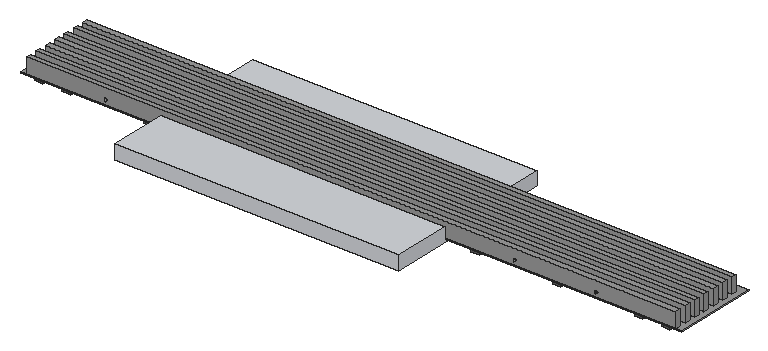
Revit family "1413-7, Veneer", category Generic Models, host Face, Revit 2020
Family settings
  Host = Face
  Can host rebar = No
  Round Connector Dimension = Use Diameter
  Part Type = Normal
  Cut with Voids When Loaded = No
  Shared = No
  Room Calculation Point = No
Parameters
  min_value [instance] = 2' - 4"  # constant formula
  max_value [instance] = 9' - 11 1/4"  # constant formula
  actual_value [instance] = if(NET LENGTH < min_value, min_value, if(NET LENGTH > max_value, max_value, NET LENGTH))  # 7' - 11 1/4"
  SCRIM MATERIAL [instance] = SCRIM
  SCRIM APPEARANCE [instance] = yes
  NET LENGTH [instance] = 7' - 11 1/4"
  IMPORTANT NOTE!!!                                                                             *Backer & dowel layout is for visualization purposes only, final layout to be determined by 9Wood. [instance] = ""
  Default Elevation = 4' - 0"
  DOWEL RADIUS [instance] = 0' - 0 1/4"  # constant formula
  BACKER & DOWEL MATERIAL [instance] = BLACK-BACKERS
  .. MEMBER WIDTH [instance] = 0' - 0 3/4"  # constant formula
  .. MEMBER MATERIAL [instance] = Veneer Cherry
  .. MEMBER DEPTH [instance] = 0' - 2 1/4"  # constant formula
  .. MEMBER COUNT [instance] = 7  # constant formula
Reference planes (in)
  plane 1 "Center (Front/Back)": y = 0
  plane 2: z = 0
  plane 3 "Center (Left/Right)": x = 0
Forms (in)
  Extrusion 1, solid
    sketch origin (0, 0, 0) x (1, 0, 0) y (0, 1, 0)
      loop
        line (-24.24823, 14.63962) -> (-24.24823, -10.69266) -> (17.36192, -10.69266) -> (17.36192, 14.63962) -> (-24.24823, 14.63962)
    from 0 to 2.0625
Dimensions and locks (in)
  aligned and locked: plane 2 to Extrusion 1
Nested families (in)
  nested 1: "1400 series" at (-44.01308, -2.1224, 0.00189), NET LENGTH <- "actual_value", .. MEMBER DEPTH <- ".. MEMBER DEPTH", .. MEMBER WIDTH <- ".. MEMBER WIDTH", DOWEL RADIUS <- "DOWEL RADIUS", BACKER & DOWEL MATERIAL <- "BACKER & DOWEL MATERIAL", .. MEMBER MATERIAL <- ".. MEMBER MATERIAL", SCRIM MATERIAL <- "SCRIM MATERIAL", MEMBER COUNT <- ".. MEMBER COUNT", SCRIM APPEARANCE <- "SCRIM APPEARANCE", type "1400 series"
    with X 7' - 8", SCRIM MATERIAL SCRIM, SCRIM LENGTH 8' - 1", SCRIM APPEARANCE yes, SCRIM 2 0' - 0 7/8", SCRIM 1 0' - 0 3/32", OC TYP 1' - 0", NET LENGTH 7' - 11 1/4", N 8, MEMBER COUNT 7, INSET 2 0' - 0 3/16", INSET 0' - 1", HALF MEMBER WIDTH 0' - 0 3/8", END BACKER yes, DOWEL RADIUS 0' - 0 1/4", DOWEL INDEX 0' - 11 5/8", DOWEL COUNT 7, BACKING M COUNT 8, BACKER WIDTH 0' - 1 1/4", BACKER INDEX 0' - 5 5/8", BACKER DEPTH 0' - 0 1/2", BACKER & DOWEL MATERIAL BLACK-BACKERS, BACKER &  DOWEL LENGTH 0' - 11 7/8", .. MEMBER WIDTH 0' - 0 3/4", .. MEMBER OC TYP 0' - 1.71429", .. MEMBER MATERIAL Veneer Cherry, .. MEMBER DEPTH 0' - 2 1/4"
Definition of nested family "1400 series"
  Parameters (values of type "1400 series")
    X [instance] = NET LENGTH - 0' 3 1/4"  # 7' - 2"
    SCRIM MATERIAL [instance] = none
    SCRIM APPEARANCE [instance] = yes
    SCRIM 2 [instance] = 0' - 0 7/8"  # constant formula
    SCRIM 1 [instance] = 0' - 0 3/32"  # constant formula
    OC TYP [instance] = 1' - 0"  # constant formula
    N [instance] = if((X - (rounddown(X / 1' 0") * 1' 0")) > 1' 0", rounddown(X / 1' 0") + 2, rounddown(X / 1' 0") + 1)  # 8
    MEMBER COUNT [instance] = 2
    INSET 5 = 0' - 0 11/16"  # constant formula
    INSET 2 [instance] = 0' - 0 3/16"  # constant formula
    INSET [instance] = 0' - 1"  # constant formula
    END BACKER [instance] = BACKER INDEX > 0' 3 5/8"  # no
    HALF MEMBER WIDTH [instance] = .. MEMBER WIDTH / 2  # 0' - 1 1/8"
    Default Elevation = 0' - 0"
    DOWEL RADIUS [instance] = 0' - 0 1/4"
    DOWEL INDEX [instance] = BACKER INDEX + 0' 6"  # 0' - 8 5/8"
    DOWEL COUNT [instance] = N - 1  # 7
    BACKER WIDTH [instance] = 0' - 1 1/4"  # constant formula
    BACKER INDEX [instance] = (NET LENGTH - ((N - 1) * 1' 0")) / 2  # 0' - 2 5/8"
    BACKER DEPTH [instance] = 0' - 0 1/2"  # constant formula
    BACKING M COUNT [instance] = N  # 8
    BACKER & DOWEL MATERIAL [instance] = none
    BACKER &  DOWEL LENGTH [instance] = 0' - 11 7/8"  # constant formula
    SCRIM LENGTH [instance] = NET LENGTH + (SCRIM 2 * 2)  # 7' - 7"
    .. MEMBER WIDTH [instance] = 0' - 2 1/4"
    .. MEMBER OC TYP [instance] = 1' 0" / MEMBER COUNT  # 0' - 6"
    .. MEMBER MATERIAL [instance] = none
    NET LENGTH [instance] = 7' - 5 1/4"
    .. MEMBER DEPTH [instance] = 0' - 4"
  Reference planes (in)
    plane 1 "Center (Front/Back)": y = 0
    plane 2: z = 0
    plane 3 "Center (Left/Right)": x = 0
    plane 4: x = 89.25
    plane 5: x = 1
    plane 6: x = 88.25
    plane 7: x = 2.625
    plane 8: x = 8.625
    plane 9: x = 14.625
    plane 10: x = 20.625
    plane 11: y = 0.1875
    plane 12: y = 1.125
    plane 13: y = 7.125
    plane 14: y = 12.0625
    plane 15: x = 90.125
    plane 16: x = -0.875
    plane 17: y = 12.15625
    plane 18: y = -0.09375
    plane 19: z = 2.7097
    plane 20: z = 0.49811
    plane 21: z = 0.56061
    plane 22: z = 1.24811
  Lines and regions (in)
    model lines, not visible
      curve 1: line (8.625, 0, 0.99811) -> (8.625, 0, 1.49811)
      curve 2: line (8.625, 0, 1.49811) -> (8.375, 0, 1.24811)
      curve 3: line (8.375, 0, 1.24811) -> (8.875, 0, 1.24811)
      curve 4: line (20.625, 0, 0.99811) -> (20.625, 0, 1.49811)
      curve 5: line (20.625, 0, 1.49811) -> (20.375, 0, 1.24811)
      curve 6: line (20.375, 0, 1.24811) -> (20.875, 0, 1.24811)
      curve 7: line (32.625, 0, 0.99811) -> (32.625, 0, 1.49811)
      curve 8: line (32.625, 0, 1.49811) -> (32.375, 0, 1.24811)
      curve 9: line (32.375, 0, 1.24811) -> (32.875, 0, 1.24811)
      curve 10: line (44.625, 0, 0.99811) -> (44.625, 0, 1.49811)
      curve 11: line (44.625, 0, 1.49811) -> (44.375, 0, 1.24811)
      curve 12: line (44.375, 0, 1.24811) -> (44.875, 0, 1.24811)
      curve 13: line (56.625, 0, 0.99811) -> (56.625, 0, 1.49811)
      curve 14: line (56.625, 0, 1.49811) -> (56.375, 0, 1.24811)
      curve 15: line (56.375, 0, 1.24811) -> (56.875, 0, 1.24811)
      curve 16: line (68.625, 0, 0.99811) -> (68.625, 0, 1.49811)
      curve 17: line (68.625, 0, 1.49811) -> (68.375, 0, 1.24811)
      curve 18: line (68.375, 0, 1.24811) -> (68.875, 0, 1.24811)
      curve 19: line (80.625, 0, 0.99811) -> (80.625, 0, 1.49811)
      curve 20: line (80.625, 0, 1.49811) -> (80.375, 0, 1.24811)
      curve 21: line (80.375, 0, 1.24811) -> (80.875, 0, 1.24811)
  Dimensions and locks (in)
    "INSET": plane 3 "Center (Left/Right)" to plane 5
    "NET LENGTH": plane 3 "Center (Left/Right)" to plane 4
    "INSET": plane 6 to plane 4
    "BACKER INDEX": plane 3 "Center (Left/Right)" to plane 7
    "DOWEL INDEX": plane 3 "Center (Left/Right)" to plane 8
    "OC TYP": plane 7 to plane 9
    "OC TYP": plane 8 to plane 10
    "INSET 2": plane 1 "Center (Front/Back)" to plane 11
    equal spacing: group 1, group 2, group 5, group 6, group 7, group 13, group 14, group 16  (x3)
    equal spacing: group 3, group 4, group 8, group 9, group 10, group 15, group 17  (x3)
    group 11 to group 12 = 0' - 0"  (x2)
    group 11 to group 12 = 0' - 6"
    ".. MEMBER OC TYP": plane 13 to plane 12
    "HALF MEMBER WIDTH": plane 1 "Center (Front/Back)" to plane 12
    "SCRIM 2": plane 16 to plane 3 "Center (Left/Right)"
    "SCRIM 2": plane 4 to plane 15
    "SCRIM 1": plane 18 to plane 1 "Center (Front/Back)"
    "SCRIM 1": plane 17 to plane 14
    "INSET 5": plane 22 to plane 21
    aligned and locked: level to plane 2
    aligned and locked: plane 7 to nested 2
    aligned and locked: plane 5 to nested 1
    aligned and locked: plane 9 to nested 3
    aligned and locked: nested 1 to plane 5
    aligned and locked: nested 2 to plane 11
    aligned and locked: nested 1 to plane 11
    aligned and locked: nested 3 to plane 11
    aligned and locked: nested 4 to plane 11  (x2)
    aligned and locked: plane 10 to nested 5
    aligned and locked: plane 6 to nested 12
    aligned and locked: nested 5 to plane 11
    aligned and locked: plane 11 to nested 12
    aligned and locked: plane 12 to nested 13
    aligned and locked: nested 14 to plane 13
    aligned and locked: plane 14 to nested 8
    aligned and locked: plane 16 to nested 15
    aligned and locked: nested 15 to plane 18
    aligned and locked: nested 15 to plane 17
    aligned and locked: nested 15 to plane 16  (x2)
    aligned and locked: nested 1 to level
    aligned and locked: level to nested 3
    aligned and locked: plane 20 to nested 2
    aligned and locked: plane 20 to nested 1
    aligned and locked: plane 20 to nested 3
    aligned and locked: nested 12 to plane 20
    aligned and locked: nested 15 to plane 20
    aligned and locked: plane 21 to nested 15
    aligned and locked: nested 13 to plane 21
    aligned and locked: plane 22 to nested 4
    aligned and locked: plane 22 to nested 5
    aligned and locked: nested 13 to plane 8
    aligned and locked: plane 10 to nested 13
    aligned and locked: curve 1 to nested 13
    aligned and locked: nested 13 to curve 4
  Automatic sketch dimensions
    curve 3 to curve 1 = 0' - 0 1/4"  (x2)
    curve 1 to curve 3 = 0' - 0 1/4"
    curve 1 to curve 2 = 0' - 0 1/4"
    curve 6 to curve 4 = 0' - 0 1/4"  (x2)
    curve 4 to curve 6 = 0' - 0 1/4"
    curve 4 to curve 5 = 0' - 0 1/4"
    curve 9 to curve 7 = 0' - 0 1/4"  (x2)
    curve 7 to curve 9 = 0' - 0 1/4"
    curve 7 to curve 8 = 0' - 0 1/4"
    curve 12 to curve 10 = 0' - 0 1/4"  (x2)
    curve 10 to curve 12 = 0' - 0 1/4"
    curve 10 to curve 11 = 0' - 0 1/4"
    curve 15 to curve 13 = 0' - 0 1/4"  (x2)
    curve 13 to curve 15 = 0' - 0 1/4"
    curve 13 to curve 14 = 0' - 0 1/4"
    curve 18 to curve 16 = 0' - 0 1/4"  (x2)
    curve 16 to curve 18 = 0' - 0 1/4"
    curve 16 to curve 17 = 0' - 0 1/4"
    curve 21 to curve 19 = 0' - 0 1/4"  (x2)
    curve 19 to curve 21 = 0' - 0 1/4"
    curve 19 to curve 20 = 0' - 0 1/4"
  Nested families (in)
    nested 1: "INSTANCE - 3RD -  EXTEND BOTH SIDES - Parametric Cube.0001" at (1, 0.1875, 0.49811), Length <- "BACKER &  DOWEL LENGTH", Width <- "BACKER WIDTH", Height <- "BACKER DEPTH", Material <- "BACKER & DOWEL MATERIAL", visible <- "END BACKER", type "INSTANCE - 3RD -  EXTEND BOTH SIDES - Parametric Cube.0001"
      with Width 0' - 1 1/4", Material none, Length 0' - 11 7/8", Height 0' - 0 1/2"
    nested 2: "INSTANCE - 2ND -  EXTEND SIDE H CENTER W - Parametric Cube.0001" at (2.625, 0.1875, 0.49811), Width <- "BACKER WIDTH", Length <- "BACKER &  DOWEL LENGTH", Height <- "BACKER DEPTH", Material <- "BACKER & DOWEL MATERIAL", type "INSTANCE - 2ND -  EXTEND SIDE H CENTER W - Parametric Cube.0001"
      with Width 0' - 1 1/4", Material none, Length 0' - 11 7/8", Height 0' - 0 1/2"
    nested 3: "INSTANCE - 2ND -  EXTEND SIDE H CENTER W - Parametric Cube.0001" at (14.625, 0.1875, 0.49811), Width <- "BACKER WIDTH", Length <- "BACKER &  DOWEL LENGTH", Height <- "BACKER DEPTH", Material <- "BACKER & DOWEL MATERIAL", type "INSTANCE - 2ND -  EXTEND SIDE H CENTER W - Parametric Cube.0001"
      with Width 0' - 1 1/4", Material none, Length 0' - 11 7/8", Height 0' - 0 1/2"
    nested 4: "DOWEL" at (-1.375, 0.1875, 1.24811), DOWEL LENGTH <- "BACKER &  DOWEL LENGTH", DOWEL RADII <- "DOWEL RADIUS", BACKING MEM MATERIAL <- "BACKER & DOWEL MATERIAL", type "DOWEL"
      with DOWEL RADII 0' - 0 1/4", DOWEL LENGTH 0' - 11 7/8", BACKING MEM MATERIAL none
    nested 5: "DOWEL" at (10.625, 0.1875, 1.24811), DOWEL LENGTH <- "BACKER &  DOWEL LENGTH", DOWEL RADII <- "DOWEL RADIUS", BACKING MEM MATERIAL <- "BACKER & DOWEL MATERIAL", type "DOWEL"
      with DOWEL RADII 0' - 0 1/4", DOWEL LENGTH 0' - 11 7/8", BACKING MEM MATERIAL none
    nested 6: "INSTANCE - 2ND -  EXTEND SIDE H CENTER W - Parametric Cube.0001" at (26.625, 0.1875, 0.49811), Width <- "BACKER WIDTH", Length <- "BACKER &  DOWEL LENGTH", Height <- "BACKER DEPTH", Material <- "BACKER & DOWEL MATERIAL", type "INSTANCE - 2ND -  EXTEND SIDE H CENTER W - Parametric Cube.0001"
      with Width 0' - 1 1/4", Material none, Length 0' - 11 7/8", Height 0' - 0 1/2"
    nested 7: "INSTANCE - 2ND -  EXTEND SIDE H CENTER W - Parametric Cube.0001" at (38.625, 0.1875, 0.49811), Width <- "BACKER WIDTH", Length <- "BACKER &  DOWEL LENGTH", Height <- "BACKER DEPTH", Material <- "BACKER & DOWEL MATERIAL", type "INSTANCE - 2ND -  EXTEND SIDE H CENTER W - Parametric Cube.0001"
      with Width 0' - 1 1/4", Material none, Length 0' - 11 7/8", Height 0' - 0 1/2"
    nested 8: "INSTANCE - 2ND -  EXTEND SIDE H CENTER W - Parametric Cube.0001" at (50.625, 0.1875, 0.49811), Width <- "BACKER WIDTH", Length <- "BACKER &  DOWEL LENGTH", Height <- "BACKER DEPTH", Material <- "BACKER & DOWEL MATERIAL", type "INSTANCE - 2ND -  EXTEND SIDE H CENTER W - Parametric Cube.0001"
      with Width 0' - 1 1/4", Material none, Length 0' - 11 7/8", Height 0' - 0 1/2"
    nested 9: "DOWEL" at (22.625, 0.1875, 1.24811), DOWEL LENGTH <- "BACKER &  DOWEL LENGTH", DOWEL RADII <- "DOWEL RADIUS", BACKING MEM MATERIAL <- "BACKER & DOWEL MATERIAL", type "DOWEL"
      with DOWEL RADII 0' - 0 1/4", DOWEL LENGTH 0' - 11 7/8", BACKING MEM MATERIAL none
    nested 10: "DOWEL" at (34.625, 0.1875, 1.24811), DOWEL LENGTH <- "BACKER &  DOWEL LENGTH", DOWEL RADII <- "DOWEL RADIUS", BACKING MEM MATERIAL <- "BACKER & DOWEL MATERIAL", type "DOWEL"
      with DOWEL RADII 0' - 0 1/4", DOWEL LENGTH 0' - 11 7/8", BACKING MEM MATERIAL none
    nested 11: "DOWEL" at (46.625, 0.1875, 1.24811), DOWEL LENGTH <- "BACKER &  DOWEL LENGTH", DOWEL RADII <- "DOWEL RADIUS", BACKING MEM MATERIAL <- "BACKER & DOWEL MATERIAL", type "DOWEL"
      with DOWEL RADII 0' - 0 1/4", DOWEL LENGTH 0' - 11 7/8", BACKING MEM MATERIAL none
    nested 12: "INSTANCE - 3RD -  EXTEND BOTH SIDES - Parametric Cube.0001" at (88.25, 0.1875, 0.49811) x (-1, 0, 0) z (0, 0, 1), Width <- "BACKER WIDTH", Length <- "BACKER &  DOWEL LENGTH", Height <- "BACKER DEPTH", Material <- "BACKER & DOWEL MATERIAL", visible <- "END BACKER", type "INSTANCE - 3RD -  EXTEND BOTH SIDES - Parametric Cube.0001"
      with Width 0' - 1 1/4", Material none, Length 0' - 11 7/8", Height 0' - 0 1/2"
    nested 13: "HOLED MEMBER" at (0, -9.75, 8.12965), DOWEL INDEX <- "DOWEL INDEX", .. MEMBER LENGTH <- "NET LENGTH", .. MEMBER WIDTH <- ".. MEMBER WIDTH", DOWEL OC DIST <- "OC TYP", DOWEL RADII <- "DOWEL RADIUS", Material <- ".. MEMBER MATERIAL", DEPTH <- ".. MEMBER DEPTH", DOWEL COUNT <- "DOWEL COUNT", Space <- "INSET 5", type "HOLED MEMBER"
      with Space 0' - 0 11/16", Material none, Height 0' - 10.43096", HALF MEMBER WIDTH 0' - 1 1/8", DOWEL RADII 0' - 0 1/4", DOWEL OC DIST 1' - 0", DOWEL INDEX 0' - 8 5/8", DOWEL COUNT 7, DEPTH 0' - 4", .. MEMBER WIDTH 0' - 2 1/4", .. MEMBER LENGTH 7' - 5 1/4"
    nested 14: "HOLED MEMBER" at (0, -3.75, 8.12965), DOWEL INDEX <- "DOWEL INDEX", .. MEMBER LENGTH <- "NET LENGTH", .. MEMBER WIDTH <- ".. MEMBER WIDTH", DOWEL OC DIST <- "OC TYP", DOWEL RADII <- "DOWEL RADIUS", Material <- ".. MEMBER MATERIAL", DEPTH <- ".. MEMBER DEPTH", DOWEL COUNT <- "DOWEL COUNT", Space <- "INSET 5", type "HOLED MEMBER"
      with Space 0' - 0 11/16", Material none, Height 0' - 10.43096", HALF MEMBER WIDTH 0' - 1 1/8", DOWEL RADII 0' - 0 1/4", DOWEL OC DIST 1' - 0", DOWEL INDEX 0' - 8 5/8", DOWEL COUNT 7, DEPTH 0' - 4", .. MEMBER WIDTH 0' - 2 1/4", .. MEMBER LENGTH 7' - 5 1/4"
    nested 15: "INSTANCE - 3RD -  EXTEND BOTH SIDES - Parametric Cube.0001" at (-0.875, -0.09375, 0.56061), Width <- "SCRIM LENGTH", Material <- "SCRIM MATERIAL", visible <- "SCRIM APPEARANCE", type "INSTANCE - 3RD -  EXTEND BOTH SIDES - Parametric Cube.0001"
      with Width 7' - 7", Material none, Length 1' - 0 1/4", Height 0' - 0 1/16"
    nested 16: "INSTANCE - 2ND -  EXTEND SIDE H CENTER W - Parametric Cube.0001" at (62.625, 0.1875, 0.49811), Width <- "BACKER WIDTH", Length <- "BACKER &  DOWEL LENGTH", Height <- "BACKER DEPTH", Material <- "BACKER & DOWEL MATERIAL", type "INSTANCE - 2ND -  EXTEND SIDE H CENTER W - Parametric Cube.0001"
      with Width 0' - 1 1/4", Material none, Length 0' - 11 7/8", Height 0' - 0 1/2"
    nested 17: "INSTANCE - 2ND -  EXTEND SIDE H CENTER W - Parametric Cube.0001" at (74.625, 0.1875, 0.49811), Width <- "BACKER WIDTH", Length <- "BACKER &  DOWEL LENGTH", Height <- "BACKER DEPTH", Material <- "BACKER & DOWEL MATERIAL", type "INSTANCE - 2ND -  EXTEND SIDE H CENTER W - Parametric Cube.0001"
      with Width 0' - 1 1/4", Material none, Length 0' - 11 7/8", Height 0' - 0 1/2"
    nested 18: "DOWEL" at (58.625, 0.1875, 1.24811), DOWEL LENGTH <- "BACKER &  DOWEL LENGTH", DOWEL RADII <- "DOWEL RADIUS", BACKING MEM MATERIAL <- "BACKER & DOWEL MATERIAL", type "DOWEL"
      with DOWEL RADII 0' - 0 1/4", DOWEL LENGTH 0' - 11 7/8", BACKING MEM MATERIAL none
    nested 19: "INSTANCE - 2ND -  EXTEND SIDE H CENTER W - Parametric Cube.0001" at (86.625, 0.1875, 0.49811), Width <- "BACKER WIDTH", Length <- "BACKER &  DOWEL LENGTH", Height <- "BACKER DEPTH", Material <- "BACKER & DOWEL MATERIAL", type "INSTANCE - 2ND -  EXTEND SIDE H CENTER W - Parametric Cube.0001"
      with Width 0' - 1 1/4", Material none, Length 0' - 11 7/8", Height 0' - 0 1/2"
    nested 20: "DOWEL" at (70.625, 0.1875, 1.24811), DOWEL LENGTH <- "BACKER &  DOWEL LENGTH", DOWEL RADII <- "DOWEL RADIUS", BACKING MEM MATERIAL <- "BACKER & DOWEL MATERIAL", type "DOWEL"
      with DOWEL RADII 0' - 0 1/4", DOWEL LENGTH 0' - 11 7/8", BACKING MEM MATERIAL none
  Definition of nested family "INSTANCE - 3RD -  EXTEND BOTH SIDES - Parametric Cube.0001"
    Parameters (values of type "INSTANCE - 3RD -  EXTEND BOTH SIDES - Parametric Cube.0001")
      Width [instance] = 0' - 6"
      Material [instance] = none
      Length [instance] = 1' - 0"
      Height [instance] = 1' - 6"
      Default Elevation = 0' - 0"
    Reference planes (in)
      plane 1 "Center (Front/Back)": y = 0
      plane 2: z = 0
      plane 3 "Center (Left/Right)": x = 0
      plane 4: x = 6
      plane 5: y = 12
      plane 6: z = -18
    Forms (in)
      Extrusion 1, solid, material <- "Material"
        sketch origin (0, 6, 0) x (1, 0, 0) y (0, 1, 0)
          loop
            line (0, 6) -> (0, -6) -> (6, -6) -> (6, 6) -> (0, 6)
        from -18 to 0
    Dimensions and locks (in)
      "Height": plane 6 to level
      "Length": plane 1 "Center (Front/Back)" to plane 5
      "Width": plane 3 "Center (Left/Right)" to plane 4
      aligned and locked: plane 2 to level
      aligned and locked: Extrusion 1 sketch curve to plane 4
      aligned and locked: Extrusion 1 to plane 6
      aligned and locked: plane 5 to Extrusion 1
      aligned and locked: Extrusion 1 to plane 3 "Center (Left/Right)"
    Automatic sketch dimensions
      plane 1 "Center (Front/Back)" to Extrusion 1 sketch curve = 0' - 0"
      plane 5 to Extrusion 1 sketch curve = 0' - 0"
      Extrusion 1 sketch curve to plane 3 "Center (Left/Right)" = 0' - 0"
  Definition of nested family "INSTANCE - 2ND -  EXTEND SIDE H CENTER W - Parametric Cube.0001"
    Parameters (values of type "INSTANCE - 2ND -  EXTEND SIDE H CENTER W - Parametric Cube.0001")
      Width [instance] = 0' - 6"
      Material [instance] = none
      Length [instance] = 1' - 0"
      Height [instance] = 1' - 6"
      Default Elevation = 0' - 0"
    Reference planes (in)
      plane 1 "Center (Front/Back)": y = 0
      plane 2: z = 0
      plane 3 "Center (Left/Right)": x = 0
      plane 4: x = -3
      plane 5: x = 3
      plane 6: y = 12
      plane 7: z = -18
    Forms (in)
      Extrusion 1, solid, material <- "Material"
        sketch origin (0, 6, 0) x (1, 0, 0) y (0, 1, 0)
          loop
            line (-3, 6) -> (-3, -6) -> (3, -6) -> (3, 6) -> (-3, 6)
        from -18 to 0
    Dimensions and locks (in)
      equal spacing: plane 4, plane 3 "Center (Left/Right)", plane 5
      "Width": plane 4 to plane 5
      "Height": plane 7 to level
      "Length": plane 1 "Center (Front/Back)" to plane 6
      aligned and locked: plane 2 to level
      aligned and locked: plane 4 to Extrusion 1 sketch curve
      aligned and locked: Extrusion 1 sketch curve to plane 5
      aligned and locked: Extrusion 1 to plane 7
      aligned and locked: plane 6 to Extrusion 1
    Automatic sketch dimensions
      plane 1 "Center (Front/Back)" to Extrusion 1 sketch curve = 0' - 0"
      plane 6 to Extrusion 1 sketch curve = 0' - 0"
  Definition of nested family "DOWEL"
    Parameters (values of type "DOWEL")
      Default Elevation = 0' - 0"
      DOWEL RADII [instance] = 0' - 0 5/8"
      DOWEL LENGTH [instance] = 1' - 0"
      BACKING MEM MATERIAL [instance] = none
    Reference planes (in)
      plane 1 "Center (Front/Back)": y = 0
      plane 2: z = 0
      plane 3 "Center (Left/Right)": x = 0
      plane 4: y = 12
    Forms (in)
      Extrusion 1, solid, material <- "BACKING MEM MATERIAL"
        sketch origin (10, 0, 0) x (1, 0, 0) y (0, 0, 1)
          loop
            circle (0, 0) r 0.625
        from 0 to -12
      Extrusion 2, solid, not visible
        sketch origin (0, 0, 0) x (1, 0, 0) y (0, 0, 1)
          loop
            circle (0, 0) r 0.625
        from 0 to 12
      Extrusion 3, solid, not visible
        sketch origin (10, 0, 0) x (1, 0, 0) y (0, 0, 1)
          loop
            circle (0, 0) r 0.625
        from 0 to 2.5
      Extrusion 4, solid, not visible
        sketch origin (10, 0, 0) x (1, 0, 0) y (0, 0, 1)
          loop
            circle (0, 0) r 0.625
        from 0 to -12
    Lines and regions (in)
      model lines, not visible
        curve 1: line (-13, 0, 0) -> (-13, -12, 0)
        curve 2: line (13, 0, 0) -> (13, -12, 0)
        curve 3: line (9.89453, 0, 0) -> (10.08794, 0, 0)
        curve 4: line (9.89453, -2.5, 0) -> (10.08794, -2.5, 0)
        curve 6: line (10, 0, 0) -> (10, 2, 0)
      model lines
        curve 5: line (10, 0, 0) -> (10, 2, 0)
    Dimensions and locks (in)
      "DOWEL LENGTH": plane 1 "Center (Front/Back)" to plane 4
      "DOWEL RADII": radius of Extrusion 1 sketch curve
      "DOWEL RADII": radius of Extrusion 2 sketch curve
      "DOWEL RADII": radius of Extrusion 3 sketch curve
      "DOWEL RADII": radius of Extrusion 4 sketch curve
      "DOWEL RADII": radius of Extrusion 1
      aligned and locked: plane 2 to level
      aligned and locked: Extrusion 1 to plane 1 "Center (Front/Back)"  (x3)
      aligned and locked: plane 1 "Center (Front/Back)" to Extrusion 1
      aligned and locked: plane 4 to Extrusion 1
    Automatic sketch dimensions
      plane 1 "Center (Front/Back)" to curve 5 = 0' - 0"
      curve 5 to plane 1 "Center (Front/Back)" = 0' - 2"
      plane 3 "Center (Left/Right)" to curve 5 = 0' - 10"
      Extrusion 1 sketch curve to level = 0' - 0"
      plane 3 "Center (Left/Right)" to Extrusion 1 sketch curve = 0' - 10"
  Definition of nested family "HOLED MEMBER"
    Parameters (values of type "HOLED MEMBER")
      Space [instance] = 0' - 0 5/8"
      Material [instance] = none
      Height [instance] = 0' - 10.43096"
      HALF MEMBER WIDTH [instance] = .. MEMBER WIDTH / 2  # 0' - 0 5/16"
      Default Elevation = 0' - 0"
      DOWEL RADII [instance] = 0' - 0.34537"
      DOWEL OC DIST [instance] = 1' - 0"
      DOWEL INSET = 0' - 0 5/8"
      DOWEL INDEX [instance] = 0' - 5 5/8"
      DOWEL COUNT [instance] = 6
      DEPTH [instance] = 0' - 2"
      .. MEMBER WIDTH [instance] = 0' - 0 5/8"
      .. MEMBER LENGTH [instance] = 5' - 11 3/4"
    Reference planes (in)
      plane 1 "Center (Front/Back)": y = 12
      plane 2: z = -7.56904
      plane 3 "Center (Left/Right)": x = 0
      plane 4: x = 5.625
      plane 5: x = 17.625
      plane 6: y = 11.375
      plane 7: x = 71.75
      plane 8: y = 11.6875
      plane 9: z = -6.94404
      plane 10: z = -5.56904
    Forms (in)
      Extrusion 1, solid, material <- "Material"
        sketch origin (0, 12, -13.56904) x (1, 0, 0) y (0, 0, 1)
          loop
            line (0, 6) -> (71.75, 6) -> (71.75, 8) -> (0, 8) -> (0, 6)
        from 0.625 to 0
      Extrusion 2, void
        sketch origin (0, 12, -18.31904) x (1, 0, 0) y (0, 0, 1)
          loop
            circle (5.625, 11.375) r 0.34537
        from 0 to 12
      Extrusion 3, void, not visible
        sketch origin (0, 0, 0) x (1, 0, 0) y (0, 1, 0)
          loop
            circle (5.625, 11.375) r 0.34537
        from 0 to 12
      Extrusion 4, void, not visible
        sketch origin (0, 0, 0) x (1, 0, 0) y (0, 1, 0)
          loop
            circle (5.625, 11.375) r 0.34537
        from 0 to 12
      Extrusion 5, void, not visible
        sketch origin (12, 0, 0) x (1, 0, 0) y (0, 1, 0)
          loop
            circle (5.625, 11.375) r 0.34537
        from 0 to 12
      Extrusion 6, void, not visible
        sketch origin (0, 12, -17.56904) x (1, 0, 0) y (0, 0, 1)
          loop
            circle (5.625, 11.375) r 0.34537
        from 0 to 12
      Extrusion 7, void, not visible
        sketch origin (12, 12, -17.56904) x (1, 0, 0) y (0, 0, 1)
          loop
            circle (5.625, 11.375) r 0.34537
        from 0 to 12
      Extrusion 8, void, not visible
        sketch origin (0, 12, -19.56904) x (1, 0, 0) y (0, 0, 1)
          loop
            circle (5.625, 11.375) r 0.34537
        from 0 to 12
      Extrusion 9, void
        sketch origin (12, 12, -18.31904) x (1, 0, 0) y (0, 0, 1)
          loop
            circle (5.625, 11.375) r 0.34537
        from 0 to 12
      Extrusion 10, void
        sketch origin (24, 12, -18.31904) x (1, 0, 0) y (0, 0, 1)
          loop
            circle (5.625, 11.375) r 0.34537
        from 0 to 12
      Extrusion 11, void
        sketch origin (36, 12, -18.31904) x (1, 0, 0) y (0, 0, 1)
          loop
            circle (5.625, 11.375) r 0.34537
        from 0 to 12
      Extrusion 12, void
        sketch origin (48, 12, -18.31904) x (1, 0, 0) y (0, 0, 1)
          loop
            circle (5.625, 11.375) r 0.34537
        from 0 to 12
      Extrusion 13, void
        sketch origin (60, 12, -18.31904) x (1, 0, 0) y (0, 0, 1)
          loop
            circle (5.625, 11.375) r 0.34537
        from 0 to 12
      Extrusion 14, void, not visible
        sketch origin (24, 12, -17.56904) x (1, 0, 0) y (0, 0, 1)
          loop
            circle (5.625, 11.375) r 0.34537
        from 0 to 12
      Extrusion 15, void, not visible
        sketch origin (36, 12, -17.56904) x (1, 0, 0) y (0, 0, 1)
          loop
            circle (5.625, 11.375) r 0.34537
        from 0 to 12
      Extrusion 16, void, not visible
        sketch origin (48, 12, -17.56904) x (1, 0, 0) y (0, 0, 1)
          loop
            circle (5.625, 11.375) r 0.34537
        from 0 to 12
      Extrusion 17, void, not visible
        sketch origin (60, 12, -17.56904) x (1, 0, 0) y (0, 0, 1)
          loop
            circle (5.625, 11.375) r 0.34537
        from 0 to 12
      Extrusion 18, void, not visible
        sketch origin (24, 0, 0) x (1, 0, 0) y (0, 1, 0)
          loop
            circle (5.625, 11.375) r 0.34537
        from 0 to 12
      Extrusion 19, void, not visible
        sketch origin (36, 0, 0) x (1, 0, 0) y (0, 1, 0)
          loop
            circle (5.625, 11.375) r 0.34537
        from 0 to 12
      Extrusion 20, void, not visible
        sketch origin (48, 0, 0) x (1, 0, 0) y (0, 1, 0)
          loop
            circle (5.625, 11.375) r 0.34537
        from 0 to 12
      Extrusion 21, void, not visible
        sketch origin (60, 0, 0) x (1, 0, 0) y (0, 1, 0)
          loop
            circle (5.625, 11.375) r 0.34537
        from 0 to 12
    Cuts and joins
      Extrusion 2, Extrusion 9, Extrusion 10, Extrusion 11, Extrusion 12, Extrusion 13 cuts Extrusion 1
    Lines and regions (in)
      model lines, not visible
        curve 1: line (5.625, 11.72037, 0) -> (5.625, 11.02963, 0)
        curve 2: line (5.625, 11.72037, 0) -> (5.625, 11.02963, 0)
        curve 3: line (17.625, 11.72037, 0) -> (17.625, 11.02963, 0)
        curve 4: line (5.625, 12, -7.56904) -> (5.625, 11.87317, -7.56904)
        curve 5: line (5.625, 11.87317, -7.56904) -> (5.06195, 11.87317, -7.56904)
        curve 6: line (5.06195, 11.87317, -7.56904) -> (5.27963, 11.375, -7.56904)
        curve 7: line (0, 12, -6.19404) -> (0, 11.61951, -6.19404)
        curve 9: line (0, 11.375, -8.19404) -> (0, 11.6747, -8.19404)
        curve 10: line (5.625, 12, -7.56904) -> (5.625, 11.69863, -7.56904)
        curve 11: line (5.625, 12, -7.56904) -> (5.625, 11.69863, -7.56904)
        curve 12: line (5.625, 10.75, 0) -> (5.625, 10.75, 0.30137)
        curve 13: line (5.625, 10.75, 0) -> (5.625, 10.75, 0.30137)
        curve 14: line (17.625, 10.75, 0) -> (17.625, 10.75, 0.30137)
        curve 15: line (5.625, 12, -6.81904) -> (5.625, 11.69863, -6.81904)
        curve 16: line (17.625, 12, -6.81904) -> (17.625, 11.69863, -6.81904)
        curve 17: line (5.625, 12, -8.81904) -> (5.625, 11.69863, -8.81904)
        curve 18: line (17.625, 12, -7.56904) -> (17.625, 11.69863, -7.56904)
        curve 19: line (29.625, 12, -7.56904) -> (29.625, 11.69863, -7.56904)
        curve 20: line (41.625, 12, -7.56904) -> (41.625, 11.69863, -7.56904)
        curve 21: line (53.625, 12, -7.56904) -> (53.625, 11.69863, -7.56904)
        curve 22: line (65.625, 12, -7.56904) -> (65.625, 11.69863, -7.56904)
        curve 23: line (29.625, 12, -6.81904) -> (29.625, 11.69863, -6.81904)
        curve 24: line (41.625, 12, -6.81904) -> (41.625, 11.69863, -6.81904)
        curve 25: line (53.625, 12, -6.81904) -> (53.625, 11.69863, -6.81904)
        curve 26: line (65.625, 12, -6.81904) -> (65.625, 11.69863, -6.81904)
        curve 27: line (29.625, 11.72037, 0) -> (29.625, 11.02963, 0)
        curve 28: line (29.625, 10.75, 0) -> (29.625, 10.75, 0.30137)
        curve 29: line (41.625, 11.72037, 0) -> (41.625, 11.02963, 0)
        curve 30: line (41.625, 10.75, 0) -> (41.625, 10.75, 0.30137)
        curve 31: line (53.625, 11.72037, 0) -> (53.625, 11.02963, 0)
        curve 32: line (53.625, 10.75, 0) -> (53.625, 10.75, 0.30137)
        curve 33: line (65.625, 11.72037, 0) -> (65.625, 11.02963, 0)
        curve 34: line (65.625, 10.75, 0) -> (65.625, 10.75, 0.30137)
        curve 35: line (5.27963, 12, -6.94404) -> (5.97037, 12, -6.94404)
        curve 36: line (5.97037, 12, -6.94404) -> (5.625, 12, -6.59867)
        curve 37: line (5.625, 12, -6.59867) -> (5.625, 12, -7.28941)
        curve 38: line (5.27963, 11.375, 0) -> (5.97037, 11.375, 0)
        curve 39: line (5.97037, 11.375, 0) -> (5.625, 11.72037, 0)
        curve 40: line (5.625, 11.72037, 0) -> (5.625, 11.02963, 0)
        curve 41: line (5.27963, 11.375, 0) -> (5.97037, 11.375, 0)
        curve 42: line (5.97037, 11.375, 0) -> (5.625, 11.72037, 0)
        curve 43: line (5.625, 11.72037, 0) -> (5.625, 11.02963, 0)
        curve 44: line (17.27963, 11.375, 0) -> (17.97037, 11.375, 0)
        curve 45: line (17.97037, 11.375, 0) -> (17.625, 11.72037, 0)
        curve 46: line (17.625, 11.72037, 0) -> (17.625, 11.02963, 0)
        curve 47: line (5.27963, 12, -6.19404) -> (5.97037, 12, -6.19404)
        curve 48: line (5.97037, 12, -6.19404) -> (5.625, 12, -5.84867)
        curve 49: line (5.625, 12, -5.84867) -> (5.625, 12, -6.53941)
        curve 50: line (17.27963, 12, -6.19404) -> (17.97037, 12, -6.19404)
        curve 51: line (17.97037, 12, -6.19404) -> (17.625, 12, -5.84867)
        curve 52: line (17.625, 12, -5.84867) -> (17.625, 12, -6.53941)
        curve 53: line (5.27963, 12, -8.19404) -> (5.97037, 12, -8.19404)
        curve 54: line (5.97037, 12, -8.19404) -> (5.625, 12, -7.84867)
        curve 55: line (5.625, 12, -7.84867) -> (5.625, 12, -8.53941)
        curve 56: line (17.27963, 12, -6.94404) -> (17.97037, 12, -6.94404)
        curve 57: line (17.97037, 12, -6.94404) -> (17.625, 12, -6.59867)
        curve 58: line (17.625, 12, -6.59867) -> (17.625, 12, -7.28941)
        curve 59: line (29.27963, 12, -6.94404) -> (29.97037, 12, -6.94404)
        curve 60: line (29.97037, 12, -6.94404) -> (29.625, 12, -6.59867)
        curve 61: line (29.625, 12, -6.59867) -> (29.625, 12, -7.28941)
        curve 62: line (41.27963, 12, -6.94404) -> (41.97037, 12, -6.94404)
        curve 63: line (41.97037, 12, -6.94404) -> (41.625, 12, -6.59867)
        curve 64: line (41.625, 12, -6.59867) -> (41.625, 12, -7.28941)
        curve 65: line (53.27963, 12, -6.94404) -> (53.97037, 12, -6.94404)
        curve 66: line (53.97037, 12, -6.94404) -> (53.625, 12, -6.59867)
        curve 67: line (53.625, 12, -6.59867) -> (53.625, 12, -7.28941)
        curve 68: line (65.27963, 12, -6.94404) -> (65.97037, 12, -6.94404)
        curve 69: line (65.97037, 12, -6.94404) -> (65.625, 12, -6.59867)
        curve 70: line (65.625, 12, -6.59867) -> (65.625, 12, -7.28941)
        curve 71: line (29.27963, 12, -6.19404) -> (29.97037, 12, -6.19404)
        curve 72: line (29.97037, 12, -6.19404) -> (29.625, 12, -5.84867)
        curve 73: line (29.625, 12, -5.84867) -> (29.625, 12, -6.53941)
        curve 74: line (41.27963, 12, -6.19404) -> (41.97037, 12, -6.19404)
        curve 75: line (41.97037, 12, -6.19404) -> (41.625, 12, -5.84867)
        curve 76: line (41.625, 12, -5.84867) -> (41.625, 12, -6.53941)
        curve 77: line (53.27963, 12, -6.19404) -> (53.97037, 12, -6.19404)
        curve 78: line (53.97037, 12, -6.19404) -> (53.625, 12, -5.84867)
        curve 79: line (53.625, 12, -5.84867) -> (53.625, 12, -6.53941)
        curve 80: line (65.27963, 12, -6.19404) -> (65.97037, 12, -6.19404)
        curve 81: line (65.97037, 12, -6.19404) -> (65.625, 12, -5.84867)
        curve 82: line (65.625, 12, -5.84867) -> (65.625, 12, -6.53941)
        curve 83: line (29.27963, 11.375, 0) -> (29.97037, 11.375, 0)
        curve 84: line (29.97037, 11.375, 0) -> (29.625, 11.72037, 0)
        curve 85: line (29.625, 11.72037, 0) -> (29.625, 11.02963, 0)
        curve 86: line (41.27963, 11.375, 0) -> (41.97037, 11.375, 0)
        curve 87: line (41.97037, 11.375, 0) -> (41.625, 11.72037, 0)
        curve 88: line (41.625, 11.72037, 0) -> (41.625, 11.02963, 0)
        curve 89: line (53.27963, 11.375, 0) -> (53.97037, 11.375, 0)
        curve 90: line (53.97037, 11.375, 0) -> (53.625, 11.72037, 0)
        curve 91: line (53.625, 11.72037, 0) -> (53.625, 11.02963, 0)
        curve 92: line (65.27963, 11.375, 0) -> (65.97037, 11.375, 0)
        curve 93: line (65.97037, 11.375, 0) -> (65.625, 11.72037, 0)
        curve 94: line (65.625, 11.72037, 0) -> (65.625, 11.02963, 0)
      model lines
        curve 8: line (5.625, 12, -7.56904) -> (5.625, 11.69863, -7.56904)
    Dimensions and locks (in)
      "DOWEL INDEX": plane 3 "Center (Left/Right)" to plane 4
      "DOWEL OC DIST": plane 4 to plane 5
      ".. MEMBER LENGTH": plane 3 "Center (Left/Right)" to plane 7
      equal spacing: group 3, group 4, group 21, group 22, group 23, group 24  (x3)
      equal spacing: group 7, group 8, group 17, group 18, group 19, group 20  (x3)
      ".. MEMBER WIDTH": plane 6 to plane 1 "Center (Front/Back)"
      "HALF MEMBER WIDTH": plane 8 to plane 1 "Center (Front/Back)"
      equal spacing: group 1, group 12, group 13, group 14, group 15, group 16  (x2)
      equal spacing: group 16, group 15, group 14, group 13, group 12, group 1
      "DEPTH": plane 10 to level
      "Space": plane 9 to level
      "DOWEL RADII": radius of Extrusion 2 sketch curve
      "DOWEL RADII": radius of Extrusion 3 sketch curve
      "DOWEL RADII": radius of Extrusion 4 sketch curve
      "DOWEL RADII": radius of Extrusion 5 sketch curve
      "DOWEL RADII": radius of Extrusion 6 sketch curve
      "DOWEL RADII": radius of Extrusion 7 sketch curve
      "DOWEL RADII": radius of Extrusion 8 sketch curve
      "DOWEL RADII": radius of Extrusion 9 sketch curve
      "DOWEL RADII": radius of Extrusion 10 sketch curve
      "DOWEL RADII": radius of Extrusion 11 sketch curve
      "DOWEL RADII": radius of Extrusion 12 sketch curve
      "DOWEL RADII": radius of Extrusion 13 sketch curve
      "DOWEL RADII": radius of Extrusion 14 sketch curve
      "DOWEL RADII": radius of Extrusion 15 sketch curve
      "DOWEL RADII": radius of Extrusion 16 sketch curve
      "DOWEL RADII": radius of Extrusion 17 sketch curve
      "DOWEL RADII": radius of Extrusion 18 sketch curve
      "DOWEL RADII": radius of Extrusion 19 sketch curve
      "DOWEL RADII": radius of Extrusion 20 sketch curve
      "DOWEL RADII": radius of Extrusion 21 sketch curve
      aligned and locked: level to plane 2
      aligned and locked: Extrusion 1 to plane 3 "Center (Left/Right)"  (x2)
      aligned and locked: plane 7 to cut or joined group of Extrusion 1, Extrusion 2, Extrusion 9, Extrusion 10, Extrusion 11, Extrusion 12, Extrusion 13  (x2)
      aligned and locked: cut or joined group of Extrusion 1, Extrusion 2, Extrusion 9, Extrusion 10, Extrusion 11, Extrusion 12, Extrusion 13 to plane 1 "Center (Front/Back)"  (x2)
      aligned and locked: cut or joined group of Extrusion 1, Extrusion 2, Extrusion 9, Extrusion 10, Extrusion 11, Extrusion 12, Extrusion 13 to plane 6  (x2)
      aligned and locked: plane 4 to curve 11
      aligned and locked: curve 18 to plane 5
      aligned and locked: plane 4 to group 1
      aligned and locked: group 12 to plane 5
      aligned and locked: curve 35 to plane 9
      aligned and locked: plane 4 to curve 37
      aligned and locked: curve 56 to plane 9
      aligned and locked: curve 58 to plane 5
      aligned and locked: plane 10 to cut or joined group of Extrusion 1, Extrusion 2, Extrusion 9, Extrusion 10, Extrusion 11, Extrusion 12, Extrusion 13  (x2)
      aligned and locked: cut or joined group of Extrusion 1, Extrusion 2, Extrusion 9, Extrusion 10, Extrusion 11, Extrusion 12, Extrusion 13 to level
      aligned and locked: level to cut or joined group of Extrusion 1, Extrusion 2, Extrusion 9, Extrusion 10, Extrusion 11, Extrusion 12, Extrusion 13
    Automatic sketch dimensions
      curve 1 to curve 1 = 0' - 0.69074"
      curve 2 to curve 2 = 0' - 0.69074"
      curve 3 to curve 3 = 0' - 0.69074"
      Extrusion 1 sketch curve to plane 3 "Center (Left/Right)" = 0' - 0"
      Extrusion 1 sketch curve to plane 7 = 0' - 0"
      Extrusion 1 sketch curve to Extrusion 1 sketch curve = 0' - 2"
      Extrusion 1 sketch curve to level = 0' - 0"
      curve 8 to curve 8 = 0' - 0.30137"
      curve 10 to curve 10 = 0' - 0.30137"
      curve 8 to plane 4 = 0' - 0"
      plane 1 "Center (Front/Back)" to curve 8 = 0' - 0"
      plane 1 "Center (Front/Back)" to curve 8 = 0' - 0.30137"
      curve 11 to curve 11 = 0' - 0.30137"
      curve 12 to curve 12 = 0' - 0.30137"
      curve 13 to curve 13 = 0' - 0.30137"
      curve 14 to curve 14 = 0' - 0.30137"
      curve 15 to curve 15 = 0' - 0.30137"
      curve 16 to curve 16 = 0' - 0.30137"
      curve 17 to curve 17 = 0' - 0.30137"
      curve 18 to curve 18 = 0' - 0.30137"
      curve 19 to curve 19 = 0' - 0.30137"
      curve 20 to curve 20 = 0' - 0.30137"
      curve 21 to curve 21 = 0' - 0.30137"
      curve 22 to curve 22 = 0' - 0.30137"
      curve 23 to curve 23 = 0' - 0.30137"
      curve 24 to curve 24 = 0' - 0.30137"
      curve 25 to curve 25 = 0' - 0.30137"
      curve 26 to curve 26 = 0' - 0.30137"
      curve 27 to curve 27 = 0' - 0.69074"
      curve 28 to curve 28 = 0' - 0.30137"
      curve 29 to curve 29 = 0' - 0.69074"
      curve 30 to curve 30 = 0' - 0.30137"
      curve 31 to curve 31 = 0' - 0.69074"
      curve 32 to curve 32 = 0' - 0.30137"
      curve 33 to curve 33 = 0' - 0.69074"
      curve 34 to curve 34 = 0' - 0.30137"
      curve 37 to curve 35 = 0' - 0.34537"  (x2)
      curve 35 to curve 36 = 0' - 0.34537"
      curve 35 to curve 37 = 0' - 0.34537"
      curve 40 to curve 38 = 0' - 0.34537"  (x2)
      curve 38 to curve 39 = 0' - 0.34537"
      curve 38 to curve 40 = 0' - 0.34537"
      curve 43 to curve 41 = 0' - 0.34537"  (x2)
      curve 41 to curve 42 = 0' - 0.34537"
      curve 41 to curve 43 = 0' - 0.34537"
      curve 46 to curve 44 = 0' - 0.34537"  (x2)
      curve 44 to curve 45 = 0' - 0.34537"
      curve 44 to curve 46 = 0' - 0.34537"
      curve 49 to curve 47 = 0' - 0.34537"  (x2)
      curve 47 to curve 48 = 0' - 0.34537"
      curve 47 to curve 49 = 0' - 0.34537"
      curve 52 to curve 50 = 0' - 0.34537"  (x2)
      curve 50 to curve 51 = 0' - 0.34537"
      curve 50 to curve 52 = 0' - 0.34537"
      curve 55 to curve 53 = 0' - 0.34537"  (x2)
      curve 53 to curve 54 = 0' - 0.34537"
      curve 53 to curve 55 = 0' - 0.34537"
      curve 58 to curve 56 = 0' - 0.34537"  (x2)
      curve 56 to curve 57 = 0' - 0.34537"
      curve 56 to curve 58 = 0' - 0.34537"
      curve 61 to curve 59 = 0' - 0.34537"  (x2)
      curve 59 to curve 60 = 0' - 0.34537"
      curve 59 to curve 61 = 0' - 0.34537"
      curve 64 to curve 62 = 0' - 0.34537"  (x2)
      curve 62 to curve 63 = 0' - 0.34537"
      curve 62 to curve 64 = 0' - 0.34537"
      curve 67 to curve 65 = 0' - 0.34537"  (x2)
      curve 65 to curve 66 = 0' - 0.34537"
      curve 65 to curve 67 = 0' - 0.34537"
      curve 70 to curve 68 = 0' - 0.34537"  (x2)
      curve 68 to curve 69 = 0' - 0.34537"
      curve 68 to curve 70 = 0' - 0.34537"
      curve 73 to curve 71 = 0' - 0.34537"  (x2)
      curve 71 to curve 72 = 0' - 0.34537"
      curve 71 to curve 73 = 0' - 0.34537"
      curve 76 to curve 74 = 0' - 0.34537"  (x2)
      curve 74 to curve 75 = 0' - 0.34537"
      curve 74 to curve 76 = 0' - 0.34537"
      curve 79 to curve 77 = 0' - 0.34537"  (x2)
      curve 77 to curve 78 = 0' - 0.34537"
      curve 77 to curve 79 = 0' - 0.34537"
      curve 82 to curve 80 = 0' - 0.34537"  (x2)
      curve 80 to curve 81 = 0' - 0.34537"
      curve 80 to curve 82 = 0' - 0.34537"
      curve 85 to curve 83 = 0' - 0.34537"  (x2)
      curve 83 to curve 84 = 0' - 0.34537"
      curve 83 to curve 85 = 0' - 0.34537"
      curve 88 to curve 86 = 0' - 0.34537"  (x2)
      curve 86 to curve 87 = 0' - 0.34537"
      curve 86 to curve 88 = 0' - 0.34537"
      curve 91 to curve 89 = 0' - 0.34537"  (x2)
      curve 89 to curve 90 = 0' - 0.34537"
      curve 89 to curve 91 = 0' - 0.34537"
      curve 94 to curve 92 = 0' - 0.34537"  (x2)
      curve 92 to curve 93 = 0' - 0.34537"
      curve 92 to curve 94 = 0' - 0.34537"
